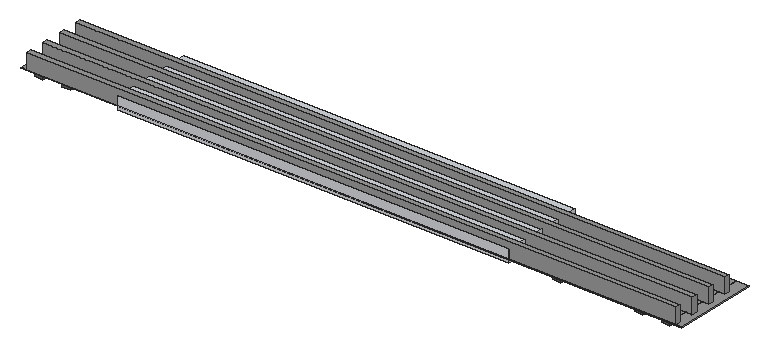
Revit family "1113-4, Veneer", category Generic Models, host Face, Revit 2020
Family settings
  Host = Face
  Can host rebar = No
  Round Connector Dimension = Use Diameter
  Part Type = Normal
  Cut with Voids When Loaded = No
  Shared = No
  Room Calculation Point = No
Parameters
  min_value [instance] = 1' - 11 1/4"  # constant formula
  max_value [instance] = 9' - 11 1/4"  # constant formula
  actual_value [instance] = if(NET LENGTH < min_value, min_value, if(NET LENGTH > max_value, max_value, NET LENGTH))  # 7' - 11 1/4"
  SCRIM MATERIAL [instance] = SCRIM
  SCRIM [instance] = yes
  NET LENGTH [instance] = 7' - 11 1/4"
  Default Elevation = 4' - 0"
  BACKER MATERIAL [instance] = BLACK-BACKERS
  .. MEMBER WIDTH [instance] = 0' - 0 3/4"  # constant formula
  .. MEMBER MATERIAL [instance] = Veneer Cherry
  .. MEMBER LENGTH [instance] = actual_value  # 7' - 11 1/4"
  .. MEMBER DEPTH [instance] = 0' - 2 1/4"  # constant formula
  .. MEMBER COUNT [instance] = 4  # constant formula
  IMPORTANT NOTE!!!                                                                             *Backer layout is for visualization purposes only, final layout to be determined by 9Wood. [instance] = ""
Reference planes (in)
  plane 1 "Center (Front/Back)": y = 0
  plane 2: z = 1.82209
  plane 3 "Center (Left/Right)": x = 0
Forms (in)
  Extrusion 1, solid
    sketch origin (132, -33.80483, 0) x (1, 0, 0) y (0, 1, 0)
      loop
        line (-118.625, 33.80483) -> (-61.26146, 33.80483) -> (-61.26146, 45.86733) -> (-118.625, 45.86733) -> (-118.625, 33.80483)
    from 1.82209 to 0
Dimensions and locks (in)
  aligned and locked: Extrusion 1 to plane 2
  aligned and locked: plane 3 "Center (Left/Right)" to nested 1
Nested families (in)
  nested 1: "1100 SERIES CONFIG" at (0, 2, 0), .. MEMBER DEPTH <- ".. MEMBER DEPTH", .. MEMBER LENGTH <- ".. MEMBER LENGTH", .. MEMBER WIDTH <- ".. MEMBER WIDTH", .. MEMBER MATERIAL <- ".. MEMBER MATERIAL", BACKING M MATERIAL <- "BACKER MATERIAL", SCRIM  MATERIAL <- "SCRIM MATERIAL", .. MEMBER COUNT <- ".. MEMBER COUNT", SCRIM <- "SCRIM", type "1100 SERIES CONFIG"
    with X 7' - 8", SCRIM OVERHANG 2 0' - 0 3/32", SCRIM OVERHANG 0' - 0 7/8", SCRIM LENGTH 8' - 1", SCRIM  MATERIAL SCRIM, SCRIM yes, NOMINAL LENGTH 7, N 8, Inset 6' - 0 3/8", INSET 0' - 1", INDEX 0' - 5 5/8", HALF MEMBER WIDTH 0' - 0 3/8", HALF LENGTH 3' - 11 5/8", END BACKER yes, BACKING M WIDTH 0' - 1 1/4", BACKING M OC SPACING 1' - 0", BACKING M MATERIAL BLACK-BACKERS, BACKING M LENGTH 0' - 11 7/8", BACKING M DEPTH 0' - 0 1/2", BACKING M COUNT 8, 3/16" INSET 0' - 0 3/16", .. MEMBER WIDTH 0' - 0 3/4", .. MEMBER OC SPACING 0' - 3", .. MEMBER MATERIAL Veneer Cherry, .. MEMBER LENGTH 7' - 11 1/4", .. MEMBER DEPTH 0' - 2 1/4", .. MEMBER COUNT 4
Definition of nested family "1100 SERIES CONFIG"
  Parameters (values of type "1100 SERIES CONFIG")
    X [instance] = .. MEMBER LENGTH - 0' 3 1/4"  # 5' - 5"
    SCRIM OVERHANG 2 [instance] = 0' - 0 3/32"  # constant formula
    SCRIM OVERHANG [instance] = 0' - 0 7/8"  # constant formula
    SCRIM LENGTH [instance] = .. MEMBER LENGTH + (SCRIM OVERHANG * 2)  # 5' - 10"
    SCRIM  MATERIAL [instance] = none
    SCRIM [instance] = yes
    NOMINAL LENGTH [instance] = 7
    N [instance] = if((X - (rounddown(X / 1' 0") * 1' 0")) > 1' 0", rounddown(X / 1' 0") + 2, rounddown(X / 1' 0") + 1)  # 6
    Inset [instance] = 6' - 0 3/8"  # constant formula
    INSET [instance] = 0' - 1"  # constant formula
    END BACKER [instance] = INDEX > 0' 3 5/8"  # yes
    INDEX [instance] = (.. MEMBER LENGTH - ((N - 1) * 1' 0")) / 2  # 0' - 4 1/8"
    HALF MEMBER WIDTH [instance] = .. MEMBER WIDTH / 2  # 0' - 0 5/16"
    HALF LENGTH [instance] = .. MEMBER LENGTH / 2  # 2' - 10 1/8"
    Default Elevation = 0' - 0"
    BACKING M WIDTH [instance] = 0' - 1 1/4"
    BACKING M SPACING = 3' - 3"
    BACKING M MATERIAL [instance] = none
    BACKING M LENGTH [instance] = 0' - 11 7/8"
    BACKING M DEPTH [instance] = 0' - 0 1/2"
    BACKING M COUNT [instance] = N  # 6
    BACKING M OC SPACING [instance] = 1' - 0"  # constant formula
    3/16" INSET [instance] = 0' - 0 3/16"  # constant formula
    .. MEMBER WIDTH [instance] = 0' - 0 5/8"
    .. MEMBER OC SPACING [instance] = 1' 0" / .. MEMBER COUNT  # 0' - 4"
    .. MEMBER MATERIAL [instance] = none
    .. MEMBER LENGTH [instance] = 5' - 8 1/4"
    .. MEMBER DEPTH [instance] = 0' - 1 3/8"
    .. MEMBER COUNT [instance] = 3
  Reference planes (in)
    plane 1 "Center (Front/Back)": y = -2
    plane 2: z = 0
    plane 3 "Center (Left/Right)": x = 0
    plane 4: x = 1
    plane 5: x = 4.125
    plane 6: x = 34.125
    plane 7: x = 68.25
    plane 8: x = 67.25
    plane 9: x = 16.125
    plane 10: y = -1.8125
    plane 11: y = -1.6875
    plane 12: y = 2.3125
    plane 13: x = 69.125
    plane 14: x = -0.875
    plane 15: z = 0.5
    plane 16: z = 0.5625
    plane 17: y = 10.0625
    plane 18: y = 10.15625
    plane 19: y = -2.09375
  Dimensions and locks (in)
    "INSET": plane 3 "Center (Left/Right)" to plane 4
    "INDEX": plane 3 "Center (Left/Right)" to plane 5
    "HALF LENGTH": plane 3 "Center (Left/Right)" to plane 6
    ".. MEMBER LENGTH": plane 3 "Center (Left/Right)" to plane 7
    "INSET": plane 8 to plane 7
    equal spacing: group 2, group 3, group 6, group 7, group 8, group 9  (x3)
    "3/16" INSET": plane 1 "Center (Front/Back)" to plane 10
    ".. MEMBER OC SPACING": plane 12 to plane 11
    "SCRIM OVERHANG": plane 14 to plane 3 "Center (Left/Right)"
    "SCRIM OVERHANG": plane 7 to plane 13
    equal spacing: group 1, group 4, group 5  (x2)
    equal spacing: group 5, group 4, group 1
    "HALF MEMBER WIDTH": plane 1 "Center (Front/Back)" to plane 11
    "BACKING M OC SPACING": plane 5 to plane 9
    "SCRIM OVERHANG 2": plane 18 to plane 17
    "SCRIM OVERHANG 2": plane 19 to plane 1 "Center (Front/Back)"
    aligned and locked: level to plane 2
    aligned and locked: plane 6 to nested 1
    aligned and locked: nested 2 to plane 4
    aligned and locked: plane 5 to nested 3
    aligned and locked: plane 1 "Center (Front/Back)" to nested 1
    aligned and locked: nested 2 to plane 10
    aligned and locked: nested 3 to plane 10
    aligned and locked: nested 5 to plane 10
    aligned and locked: nested 4 to plane 10
    aligned and locked: nested 6 to plane 14
    aligned and locked: plane 12 to nested 7
    aligned and locked: nested 7 to plane 3 "Center (Left/Right)"
    aligned and locked: plane 9 to nested 5
    aligned and locked: plane 8 to nested 4
    aligned and locked: plane 15 to nested 2
    aligned and locked: nested 6 to plane 15
    aligned and locked: nested 1 to plane 16
    aligned and locked: nested 7 to plane 16
    aligned and locked: nested 6 to plane 19
  Nested families (in)
    nested 1: "INSTANCE - Parametric Cube" at (34.125, -1.6875, 1.9375), Length <- ".. MEMBER WIDTH", Height <- ".. MEMBER DEPTH", Width <- ".. MEMBER LENGTH", Material <- ".. MEMBER MATERIAL", type "INSTANCE - Parametric Cube"
      with Width 5' - 8 1/4", Material none, Length 0' - 0 5/8", Height 0' - 1 3/8"
    nested 2: "2ND INSTANCE - Parametric Cube" at (1.625, 4.125, 0), Height <- "BACKING M DEPTH", Length <- "BACKING M LENGTH", Width <- "BACKING M WIDTH", Material <- "BACKING M MATERIAL", visible <- "END BACKER", type "2ND INSTANCE - Parametric Cube"
      with Width 0' - 1 1/4", Material none, Length 0' - 11 7/8", Height 0' - 0 1/2"
    nested 3: "2ND INSTANCE - Parametric Cube" at (4.125, 4.125, 0), Length <- "BACKING M LENGTH", Height <- "BACKING M DEPTH", Width <- "BACKING M WIDTH", Material <- "BACKING M MATERIAL", type "2ND INSTANCE - Parametric Cube"
      with Width 0' - 1 1/4", Material none, Length 0' - 11 7/8", Height 0' - 0 1/2"
    nested 4: "2ND INSTANCE - Parametric Cube" at (66.625, 4.125, 0), Width <- "BACKING M WIDTH", Length <- "BACKING M LENGTH", Height <- "BACKING M DEPTH", Material <- "BACKING M MATERIAL", visible <- "END BACKER", type "2ND INSTANCE - Parametric Cube"
      with Width 0' - 1 1/4", Material none, Length 0' - 11 7/8", Height 0' - 0 1/2"
    nested 5: "2ND INSTANCE - Parametric Cube" at (16.125, 4.125, 0), Length <- "BACKING M LENGTH", Height <- "BACKING M DEPTH", Width <- "BACKING M WIDTH", Material <- "BACKING M MATERIAL", type "2ND INSTANCE - Parametric Cube"
      with Width 0' - 1 1/4", Material none, Length 0' - 11 7/8", Height 0' - 0 1/2"
    nested 6: "3RD INSTANCE - Parametric Cube" at (34.125, 4.0445, 0.5), Width <- "SCRIM LENGTH", Material <- "SCRIM  MATERIAL", visible <- "SCRIM", type "3RD INSTANCE - Parametric Cube"
      with Width 5' - 10", Material none, Length 1' - 0.27649", Height 0' - 0 1/16"
    nested 7: "INSTANCE - Parametric Cube" at (34.125, 2.3125, 1.9375), Length <- ".. MEMBER WIDTH", Height <- ".. MEMBER DEPTH", Width <- ".. MEMBER LENGTH", Material <- ".. MEMBER MATERIAL", type "INSTANCE - Parametric Cube"
      with Width 5' - 8 1/4", Material none, Length 0' - 0 5/8", Height 0' - 1 3/8"
    nested 8: "INSTANCE - Parametric Cube" at (34.125, 6.3125, 1.9375), Length <- ".. MEMBER WIDTH", Height <- ".. MEMBER DEPTH", Width <- ".. MEMBER LENGTH", Material <- ".. MEMBER MATERIAL", type "INSTANCE - Parametric Cube"
      with Width 5' - 8 1/4", Material none, Length 0' - 0 5/8", Height 0' - 1 3/8"
    nested 9: "2ND INSTANCE - Parametric Cube" at (28.125, 4.125, 0), Length <- "BACKING M LENGTH", Height <- "BACKING M DEPTH", Width <- "BACKING M WIDTH", Material <- "BACKING M MATERIAL", type "2ND INSTANCE - Parametric Cube"
      with Width 0' - 1 1/4", Material none, Length 0' - 11 7/8", Height 0' - 0 1/2"
    nested 10: "2ND INSTANCE - Parametric Cube" at (40.125, 4.125, 0), Length <- "BACKING M LENGTH", Height <- "BACKING M DEPTH", Width <- "BACKING M WIDTH", Material <- "BACKING M MATERIAL", type "2ND INSTANCE - Parametric Cube"
      with Width 0' - 1 1/4", Material none, Length 0' - 11 7/8", Height 0' - 0 1/2"
    nested 11: "2ND INSTANCE - Parametric Cube" at (52.125, 4.125, 0), Length <- "BACKING M LENGTH", Height <- "BACKING M DEPTH", Width <- "BACKING M WIDTH", Material <- "BACKING M MATERIAL", type "2ND INSTANCE - Parametric Cube"
      with Width 0' - 1 1/4", Material none, Length 0' - 11 7/8", Height 0' - 0 1/2"
    nested 12: "2ND INSTANCE - Parametric Cube" at (64.125, 4.125, 0), Length <- "BACKING M LENGTH", Height <- "BACKING M DEPTH", Width <- "BACKING M WIDTH", Material <- "BACKING M MATERIAL", type "2ND INSTANCE - Parametric Cube"
      with Width 0' - 1 1/4", Material none, Length 0' - 11 7/8", Height 0' - 0 1/2"
  Definition of nested family "INSTANCE - Parametric Cube"
    Parameters (values of type "INSTANCE - Parametric Cube")
      Width [instance] = 0' - 6"
      Material [instance] = none
      Length [instance] = 1' - 0"
      Height [instance] = 1' - 6"
      Default Elevation = 0' - 0"
    Reference planes (in)
      plane 1 "Center (Front/Back)": y = 0
      plane 2: z = 0
      plane 3 "Center (Left/Right)": x = 0
      plane 4: x = -3
      plane 5: x = 3
      plane 6: y = 6
      plane 7: y = -6
      plane 8: z = -18
    Forms (in)
      Extrusion 1, solid, material <- "Material"
        sketch origin (0, 0, 0) x (1, 0, 0) y (0, 1, 0)
          loop
            line (-3, 6) -> (-3, -6) -> (3, -6) -> (3, 6) -> (-3, 6)
        from -18 to 0
    Dimensions and locks (in)
      equal spacing: plane 4, plane 3 "Center (Left/Right)", plane 5
      equal spacing: plane 6, plane 1 "Center (Front/Back)", plane 7
      "Length": plane 6 to plane 7
      "Width": plane 4 to plane 5
      "Height": plane 8 to level
      aligned and locked: plane 2 to level
      aligned and locked: Extrusion 1 sketch curve to plane 6
      aligned and locked: plane 4 to Extrusion 1 sketch curve
      aligned and locked: plane 7 to Extrusion 1 sketch curve
      aligned and locked: Extrusion 1 sketch curve to plane 5
      aligned and locked: Extrusion 1 to plane 8
  Definition of nested family "2ND INSTANCE - Parametric Cube"
    Parameters (values of type "2ND INSTANCE - Parametric Cube")
      Width [instance] = 0' - 6"
      Material [instance] = none
      Length [instance] = 1' - 0"
      Height [instance] = 1' - 6"
      Default Elevation = 0' - 0"
    Reference planes (in)
      plane 1 "Center (Front/Back)": y = 0
      plane 2: z = 0
      plane 3 "Center (Left/Right)": x = 0
      plane 4: x = -3
      plane 5: x = 3
      plane 6: y = 6
      plane 7: y = -6
      plane 8: z = 18
    Forms (in)
      Extrusion 1, solid, material <- "Material"
        sketch origin (0, 0, 0) x (1, 0, 0) y (0, 1, 0)
          loop
            line (-3, 6) -> (-3, -6) -> (3, -6) -> (3, 6) -> (-3, 6)
        from 0 to 18
    Dimensions and locks (in)
      equal spacing: plane 4, plane 3 "Center (Left/Right)", plane 5
      equal spacing: plane 6, plane 1 "Center (Front/Back)", plane 7
      "Length": plane 6 to plane 7
      "Width": plane 4 to plane 5
      "Height": level to plane 8
      aligned and locked: plane 2 to level
      aligned and locked: Extrusion 1 sketch curve to plane 6
      aligned and locked: plane 4 to Extrusion 1 sketch curve
      aligned and locked: plane 7 to Extrusion 1 sketch curve
      aligned and locked: Extrusion 1 sketch curve to plane 5
      aligned and locked: plane 8 to Extrusion 1
      aligned and locked: Extrusion 1 to level
  Definition of nested family "3RD INSTANCE - Parametric Cube"
    Parameters (values of type "3RD INSTANCE - Parametric Cube")
      Width [instance] = 0' - 6"
      Material [instance] = none
      Length [instance] = 1' - 0"
      Height [instance] = 1' - 6"
      Default Elevation = 0' - 0"
    Reference planes (in)
      plane 1 "Center (Front/Back)": y = 0
      plane 2: z = 0
      plane 3 "Center (Left/Right)": x = 0
      plane 4: x = -3
      plane 5: x = 3
      plane 6: y = 6
      plane 7: y = -6
      plane 8: z = 18
    Forms (in)
      Extrusion 1, solid, material <- "Material"
        sketch origin (0, 0, 0) x (1, 0, 0) y (0, 1, 0)
          loop
            line (-3, 6) -> (-3, -6) -> (3, -6) -> (3, 6) -> (-3, 6)
        from 0 to 18
    Dimensions and locks (in)
      equal spacing: plane 4, plane 3 "Center (Left/Right)", plane 5
      equal spacing: plane 6, plane 1 "Center (Front/Back)", plane 7
      "Length": plane 6 to plane 7
      "Width": plane 4 to plane 5
      "Height": level to plane 8
      aligned and locked: plane 2 to level
      aligned and locked: Extrusion 1 sketch curve to plane 6
      aligned and locked: plane 4 to Extrusion 1 sketch curve
      aligned and locked: plane 7 to Extrusion 1 sketch curve
      aligned and locked: Extrusion 1 sketch curve to plane 5
      aligned and locked: plane 8 to Extrusion 1
      aligned and locked: Extrusion 1 to level
